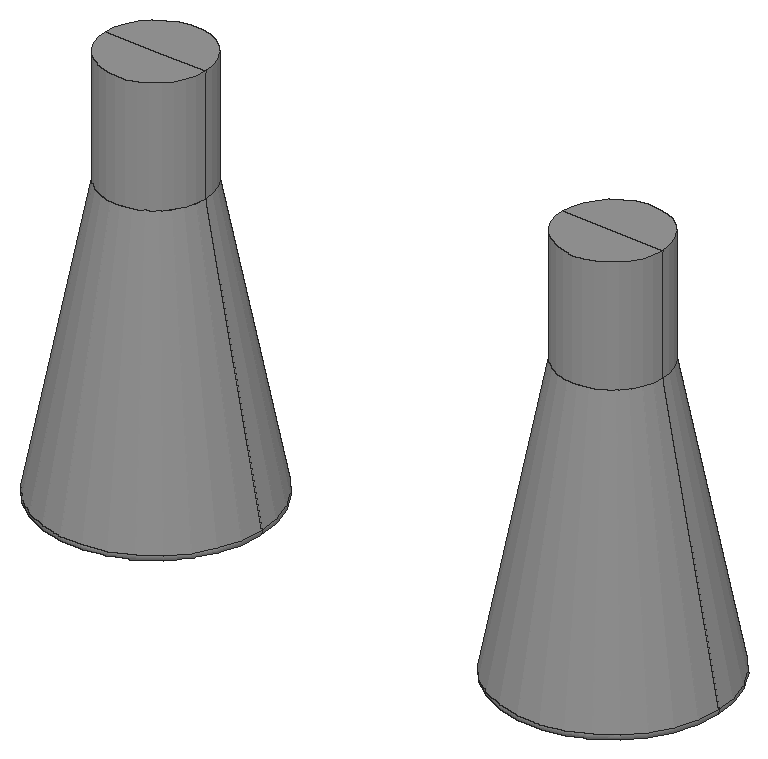
Revit family "Andreu World Reverse Conference ME5268", category Mobiliario, Revit 2014
Parameters (values of type "ME-5268 2200x1200 Glass")
  URL = "http://www.andreuworld.com/"
  Top Thickness = 30 mm
  Top Material = Andreu World Laminated White
  Top Length = 2200 mm
  Top Base = 715 mm
  Top Width = 1200 mm
  Reference = "ME-5268"
  R Base = 190 mm
  Modelo = "Reverse Conference"
  Height = 715 mm
  Glass Top = Glass Top
  Glass = yes
  Fabricante = "Andreu World"
  Descripción = "Table"
  Base position = 690 mm
  Base Material = Andreu World Thermo-polymer White
  Base Height [instance] = 715 mm
Reference planes
  plane 1 "Centro (Frontal/Posterior)": y = 0
  plane 2: z = 0
  plane 3 "Centro Base": x = 487.159
  plane 4: x = 577.159
  plane 5: x = 677.159
  plane 6 "Base Height": z = 715
  plane 7: z = 510
  plane 8: z = 10
  plane 9: x = 397.159
  plane 10: x = 297.159
  plane 11 "Top thickness": z = 745
  plane 12: z = 738
  plane 13 "Glass": z = 750
  plane 14: x = 897.159
  plane 15: x = 1307.159
  plane 16: x = 1217.159
  plane 17: x = 1117.159
  plane 18: x = 1397.159
  plane 19: x = 1497.159
  plane 20: x = -202.841
  plane 21: y = 600
  plane 22: x = 1997.159
  plane 23: y = -600
  plane 24: y = 530
  plane 25: x = 1927.159
  plane 26: y = -530
  plane 27: x = -132.841
  plane 28: x = 1863.182
  plane 29: x = 1679.792
  plane 30: x = -68.864
  plane 31: x = 114.526
  plane 32: y = 435.339
  plane 33: y = 288.112
  plane 34: y = -435.339
  plane 35: y = -288.112
Forms (mm)
  Revolve 1, solid, material "Andreu World Thermo-polymer White" <- "Base Material", detail levels medium+fine
    sketch origin (0, 0, 0) x (1, 0, 0) y (0, 0, 1)
      loop
        line (487.159, 715) -> (487.159, 0) -> (667.497, 0)
        arc (667.497, 0) -> (674.895, 3.506) -> (676.866, 11.451) r 9.558
        line (676.866, 11.451) -> (577.159, 510) -> (577.159, 715) -> (487.159, 715)
      axis (487.159, 715) -> (487.159, 0)
    angle from 0 to 360
  Revolve 2, solid, material "Andreu World Thermo-polymer White" <- "Base Material", detail levels medium+fine
    sketch origin (1794.318, 0, 0) x (-1, 0, 0) y (0, 0, -1)
      loop
        line (487.159, -715) -> (577.159, -715) -> (577.159, -510) -> (676.866, -11.451)
        arc (676.866, -11.451) -> (674.895, -3.506) -> (667.497, 0) r 9.558
        line (667.497, 0) -> (487.159, 0) -> (487.159, -715)
      axis (487.159, -715) -> (487.159, 0)
    angle from 0 to 360
  Extrusion 3, solid, material "Andreu World Laminated White" <- "Top Material", detail levels coarse+medium
    sketch origin (0, 0, 0) x (1, 0, 0) y (0, 1, 0)
      loop
        arc (-69.841, -285.995) -> (5.678, -381.253) -> (114.564, -435.299) r 278.669
        arc (114.564, -435.299) -> (897.178, -530) -> (1679.792, -435.299) r 3281.121
        arc (1679.792, -435.299) -> (1788.119, -381.706) -> (1863.567, -287.29) r 278.669
        arc (1863.567, -287.29) -> (1927.159, 0.033) -> (1863.538, 287.349) r 680.734
        arc (1863.538, 287.349) -> (1788.093, 381.726) -> (1679.792, 435.299) r 278.669
        arc (1679.792, 435.299) -> (897.178, 530) -> (114.564, 435.299) r 3281.121
        arc (114.564, 435.299) -> (5.678, 381.253) -> (-69.841, 285.995) r 278.669
        arc (-69.841, 285.995) -> (-135.364, 0) -> (-69.841, -285.995) r 656.912
    from 715 <- "Top Base" to 745
  Sweep 4, solid, material "Andreu World Laminated White" <- "Top Material", detail levels coarse+medium
    path in 3D
      loop
        arc (114.564, -435.299, 745) -> (5.678, -381.253, 745) -> (-69.841, -285.995, 745) r 278.669
        arc (-69.841, -285.995, 745) -> (-135.364, 0, 745) -> (-69.841, 285.995, 745) r 656.912
        arc (-69.841, 285.995, 745) -> (5.678, 381.253, 745) -> (114.564, 435.299, 745) r 278.669
        arc (114.564, 435.299, 745) -> (897.178, 530, 745) -> (1679.792, 435.299, 745) r 3281.121
        arc (1679.792, 435.299, 745) -> (1788.093, 381.726, 745) -> (1863.538, 287.349, 745) r 278.669
        arc (1863.538, 287.349, 745) -> (1927.159, 0.033, 745) -> (1863.567, -287.29, 745) r 680.734
        arc (1863.567, -287.29, 745) -> (1788.119, -381.706, 745) -> (1679.792, -435.299, 745) r 278.669
        arc (1679.792, -435.299, 745) -> (897.178, -530, 745) -> (114.564, -435.299, 745) r 3281.121
    profile origin (897.178, -530, 745) x (0, -1, 0) y (0, 0, 1)
      loop
        line (0, -30) -> (70, -7) -> (70, 0) -> (0, 0) -> (0, -30)
  Extrusion 5, solid, material "Glass Top" <- "Glass Top", visible <- "Glass", detail levels coarse+medium
    sketch origin (0, 0, 745) x (1, 0, 0) y (0, 1, 0)
      loop
        arc (1926.742, -317.444) -> (1997.159, 0.038) -> (1926.709, 317.514) r 750.734
        arc (1926.709, 317.514) -> (1832.276, 436.022) -> (1696.489, 503.278) r 348.669
        arc (1696.489, 503.278) -> (897.178, 600) -> (97.868, 503.278) r 3351.121
        arc (97.868, 503.278) -> (-38.37, 435.657) -> (-132.859, 316.47) r 348.669
        arc (-132.859, 316.47) -> (-205.364, 0) -> (-132.859, -316.47) r 726.912
        arc (-132.859, -316.47) -> (-38.37, -435.657) -> (97.868, -503.278) r 348.669
        arc (97.868, -503.278) -> (897.178, -600) -> (1696.489, -503.278) r 3351.121
        arc (1696.489, -503.278) -> (1832.306, -435.997) -> (1926.742, -317.444) r 348.669
    from 0 to 5
Cuts and joins
  joined: Extrusion 3, Sweep 4
Lines and regions (mm)
  model lines, detail levels coarse+medium
    curve 1: circle (487.159, 0, 0) r 190 normal (0, 0, 1)
    curve 2: circle (1307.159, 0, 0) r 190 normal (0, 0, -1)
    curve 11: arc (1696.489, -503.278, 0) -> (897.178, -600, 0) -> (97.868, -503.278, 0) r 3351.121
    curve 12: arc (1926.742, -317.444, 0) -> (1832.306, -435.997, 0) -> (1696.489, -503.278, 0) r 348.669
    curve 13: arc (1926.709, 317.514, 0) -> (1997.159, 0.038, 0) -> (1926.742, -317.444, 0) r 750.734
    curve 14: arc (1696.489, 503.278, 0) -> (1832.276, 436.022, 0) -> (1926.709, 317.514, 0) r 348.669
    curve 15: arc (97.868, 503.278, 0) -> (897.178, 600, 0) -> (1696.489, 503.278, 0) r 3351.121
    curve 16: arc (-132.859, 316.47, 0) -> (-38.37, 435.657, 0) -> (97.868, 503.278, 0) r 348.669
    curve 17: arc (-132.859, -316.47, 0) -> (-205.364, 0, 0) -> (-132.859, 316.47, 0) r 726.912
    curve 18: arc (97.868, -503.278, 0) -> (-38.37, -435.657, 0) -> (-132.859, -316.47, 0) r 348.669
  sketch lines
    curve 3: arc (1679.792, -435.299, 745) -> (897.178, -530, 745) -> (114.564, -435.299, 745) r 3281.121
    curve 4: arc (1863.567, -287.29, 745) -> (1788.119, -381.706, 745) -> (1679.792, -435.299, 745) r 278.669
    curve 5: arc (1863.538, 287.349, 745) -> (1927.159, 0.033, 745) -> (1863.567, -287.29, 745) r 680.734
    curve 6: arc (1679.792, 435.299, 745) -> (1788.093, 381.726, 745) -> (1863.538, 287.349, 745) r 278.669
    curve 7: arc (114.564, 435.299, 745) -> (897.178, 530, 745) -> (1679.792, 435.299, 745) r 3281.121
    curve 8: arc (-69.841, 285.995, 745) -> (5.678, 381.253, 745) -> (114.564, 435.299, 745) r 278.669
    curve 9: arc (-69.841, -285.995, 745) -> (-135.364, 0, 745) -> (-69.841, 285.995, 745) r 656.912
    curve 10: arc (114.564, -435.299, 745) -> (5.678, -381.253, 745) -> (-69.841, -285.995, 745) r 278.669
Dimensions and locks
  "R Base": plane 5 to plane 3 "Centro Base"
  locked: plane 5 to plane 4 at 100
  locked: plane 8 to level at 10
  "Height": plane 6 "Base Height" to level
  plane 10 to plane 5 = 380 mm
  equal spacing: plane 10, plane 3 "Centro Base", plane 5
  locked: plane 10 to plane 9 at 100
  plane 6 "Base Height" to plane 7 = 205 mm
  "Top Thickness": plane 11 "Top thickness" to plane 6 "Base Height"
  locked: plane 11 "Top thickness" to plane 12 at 7
  plane 13 "Glass" to plane 11 "Top thickness" = 5 mm
  locked: plane 17 to plane 16 at 100
  plane 19 to plane 17 = 380 mm
  equal spacing: plane 19, plane 15, plane 17
  locked: plane 19 to plane 18 at 100
  "Top Width": plane 21 to plane 23
  equal spacing: plane 21, plane 1 "Centro (Frontal/Posterior)", plane 23
  "Top Length": plane 20 to plane 22
  equal spacing: plane 20, plane 14, plane 22
  locked: plane 20 to plane 27 at 70
  locked: plane 25 to plane 22 at 70
  locked: plane 26 to plane 23 at 70
  locked: plane 21 to plane 24 at 70
  "Base position": plane 20 to plane 3 "Centro Base"
  "Base position": plane 15 to plane 22
  locked: plane 20 to plane 30 at 133.977
  locked: plane 30 to plane 31 at 183.39
  locked: plane 28 to plane 22 at 133.977
  locked: plane 29 to plane 28 at 183.39
  locked: plane 21 to plane 32 at 164.661
  locked: plane 33 to plane 32 at 147.227
  locked: plane 34 to plane 23 at 164.661
  locked: plane 35 to plane 34 at 147.227
  "Base Height": plane 6 "Base Height" to level
  "R Base": radius of curve 1
  "R Base": radius of curve 2
  aligned and locked: level to plane 2
  aligned and locked: plane 6 "Base Height" to Revolve 1 sketch curve
  aligned and locked: Revolve 1 sketch curve to plane 3 "Centro Base"
  aligned and locked: Revolve 1 sketch curve to level
  aligned and locked: plane 4 to Revolve 1 sketch curve
  aligned and locked: Revolve 1 sketch curve to Revolve 1 sketch curve
  aligned and locked: Revolve 2 sketch curve to plane 15
  aligned and locked: plane 16 to Revolve 2 sketch curve
  aligned and locked: Revolve 2 sketch curve to Revolve 2 sketch curve
  aligned and locked: plane 29 to Extrusion 3 sketch curve
  aligned and locked: Extrusion 3 to plane 6 "Base Height"
  aligned and locked: Extrusion 3 to plane 11 "Top thickness"
  aligned and locked: Sweep 4 sketch curve to profile plane  (x2)
  aligned and locked: curve 11 to cut or joined group of Extrusion 3, Sweep 4
  aligned and locked: curve 12 to cut or joined group of Extrusion 3, Sweep 4
  aligned and locked: curve 13 to cut or joined group of Extrusion 3, Sweep 4
  aligned and locked: curve 14 to cut or joined group of Extrusion 3, Sweep 4
  aligned and locked: curve 15 to cut or joined group of Extrusion 3, Sweep 4
  aligned and locked: curve 16 to cut or joined group of Extrusion 3, Sweep 4
  aligned and locked: curve 17 to cut or joined group of Extrusion 3, Sweep 4
  aligned and locked: curve 18 to cut or joined group of Extrusion 3, Sweep 4
  aligned and locked: Extrusion 5 sketch curve to cut or joined group of Extrusion 3, Sweep 4  (x8)
Automatic sketch dimensions
  Revolve 1 sketch curve to level = 0 mm
  Revolve 1 sketch curve to plane 7 = 0 mm
  Revolve 1 sketch curve to plane 6 "Base Height" = 0 mm
  Revolve 1 sketch curve to plane 5 = 9.662 mm
  Revolve 1 sketch curve to plane 5 = 0.293 mm
  level to Revolve 1 sketch curve = 9.558 mm
  Revolve 2 sketch curve to level = 0 mm  (x2)
  Revolve 2 sketch curve to plane 6 "Base Height" = 0 mm  (x2)
  Revolve 2 sketch curve to plane 7 = 0 mm
  Revolve 2 sketch curve to plane 17 = 9.662 mm
  Revolve 2 sketch curve to plane 17 = 0.293 mm
  plane 8 to Revolve 2 sketch curve = 1.451 mm
  plane 30 to Extrusion 3 sketch curve = 0.977 mm  (x2)
  plane 1 "Centro (Frontal/Posterior)" to Extrusion 3 sketch curve = 0 mm
  Extrusion 3 sketch curve to plane 31 = 66.507 mm  (x2)
  plane 3 "Centro Base" to Extrusion 3 sketch curve = 34.388 mm
  plane 14 to Extrusion 3 sketch curve = 0.019 mm  (x2)
  Extrusion 3 sketch curve to plane 29 = 66.468 mm  (x2)
  plane 35 to Extrusion 3 sketch curve = 123.439 mm
  plane 33 to Extrusion 3 sketch curve = 123.439 mm  (x2)
  plane 32 to Extrusion 3 sketch curve = 0.04 mm
  plane 34 to Extrusion 3 sketch curve = 0.04 mm
  Extrusion 3 sketch curve to Extrusion 3 sketch curve = 0 mm  (x4)
  Extrusion 3 sketch curve to plane 29 = 0 mm
  Sweep 4 sketch curve to profile plane = 70 mm
  Sweep 4 sketch curve to profile plane = 7 mm
  Sweep 4 sketch curve to profile plane = 30 mm
  plane 1 "Centro (Frontal/Posterior)" to curve 1 = 0 mm
  curve 1 to plane 3 "Centro Base" = 0 mm
  plane 1 "Centro (Frontal/Posterior)" to curve 2 = 0 mm
  curve 2 to plane 15 = 0 mm
